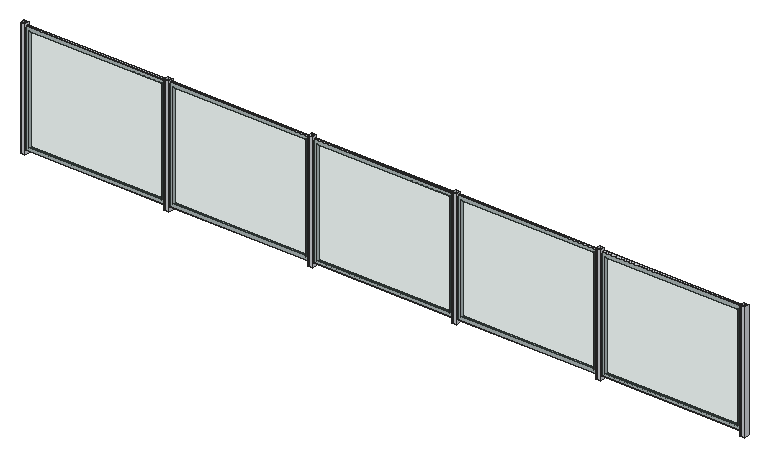
Revit family "Ограждение_Панель_В рамке_2500", category Специальное оборудование, Revit 2019
Family settings
  Размер круглого соединителя = Использовать диаметр
  Тип детали = Нормальный
  При загрузке вырезать с полостями = Нет
  Общий = Нет
  Точка расчета площади = Нет
Parameters (values of type "Панель_2500_Рамка 60х40х3_Пруток d6")
  Ширина столба = 80 mm  # constant formula
  Ширина панели = 2500 mm
  Ширина 1ой панели [instance] = 2500 mm  # constant formula
  Шаг столбов [instance] = Ширина панели + Ширина столба  # 2580 mm
  Условное обозначение [instance] = no
  Толщина стенки столба = 3 mm  # constant formula
  Толщина профиля рамки = 3
  Тип первого столба [instance] = 2
  Стоимость = 17.5
  Размер прутка = 6
  Показать последний [instance] = yes
  Шаг последнего столба [instance] = if(N панелей = 1, Шаг столбов, if(N панелей = 2, Шаг столбов * 2, Шаг столбов * N панелей + 1 mm))  # 12901 mm
  Показать средний столб [instance] = N панелей = 2  # no
  Под насадку [instance] = no
  Отступ панели от основания = 70 mm
  Отступ панели = Ширина столба / 2  # 40 mm
  Описание = if(Толщина профиля рамки = 2, "Тип 1.2", "Тип 1.3")  # "Тип 1.3"
  Ограничитель длины [instance] = if([built-in parameter 1001306] / (Шаг столбов * N столбов в массиве + 2 mm) = 1, [built-in parameter 1001306], 1000 mm)  # 1000 mm
  Ограничитель высоты [instance] = roundup(if(and(Высота забора < 2600 mm, Высота забора > 2100 mm), Высота забора, 2100 mm) / 100 mm) * 100 mm  # 2100 mm
  Код по классификатору = "33747"
  Инструкция [instance] = "https://docs.google.com/document/d/1cgSF_IfOaOTu5MFLm1FJjP0ckfTazc0ioWqhE0ocsXY/edit#heading=h.lw4uecg53g9n"
  Изготовитель = [ADSK_Завод-изготовитель]  # "FENSYS"
  built-in parameter 1001306 [instance] = 15000 mm
  Группа модели = "Ограждение"  # constant formula
  Глубина столба = 80 mm  # constant formula
  Высота панели [instance] = Ограничитель высоты - 100 mm  # 2000 mm
  Высота забора [instance] = 2100 mm
  Видимость массива столбов [instance] = not(N панелей < 3)  # yes
  Видимость массива панелей [instance] = N панелей > 1  # yes
  Видимость 1ой панели [instance] = N панелей = 1  # no
  URL = "https://www.fensys.ru/oprosnyy-list/"
  N столбов в массиве [instance] = if((N панелей - 1) < 2, 2, N панелей - 1)  # 4
  N панелей в массиве [instance] = if(N панелей > 2, N панелей, 2)  # 5
  N панелей [instance] = if([built-in parameter 1001306] > Шаг столбов, rounddown([built-in parameter 1001306] / Шаг столбов), 1)  # 5
  ADSK_Размер_Длина [instance] = [built-in parameter 1001306]  # 15000 mm
  Наименование = "Панель в рамке Тип 1.3.: HxW (высота х ширина) 2000x2500 мм,  рамка: профиль 60х40 мм, заполнение: панель с ячейкой = 50x150 мм, проволока D6 мм, габариты  (высота х ширина) 1 988x2 395 мм"
  ADSK_Комплект [instance] = "Ограждение"  # constant formula
  ADSK_Завод-изготовитель = "FENSYS"  # constant formula
  ADSK_Единица измерения = "м."  # constant formula
Types (4, lengths in mm): name | Толщина профиля рамки | Тип первого столба | Стоимость | Размер прутка | Шаг последнего столба | Описание | Код по классификатору | built-in parameter 1001306 | Видимость массива столбов | Видимость массива панелей | Видимость 1ой панели | N столбов в массиве | N панелей в массиве | N панелей | ADSK_Размер_Длина | Наименование
  Панель_2500_Рамка 60х40х3_Пруток d5 | 3 | 0 | 17.5 | 6 | 2580 | "Тип 1.3" | "33747" | 3000 | no | no | yes | 2 | 2 | 1 | 3000 | "Панель в рамке Тип 1.3.: HxW (высота х ширина) 2000x2500 мм,  рамка: профиль 60х40 мм, заполнение: панель с ячейкой = 50x150 мм, проволока D6 мм, габариты  (высота х ширина) 1 988x2 395 мм"
  Панель_2500_Рамка 60х40х2_Пруток d5 | 2 | 0 | 6.1 | 5 | 10321 | "Тип 1.2" | "13599N" | 12000 | yes | yes | no | 3 | 4 | 4 | 12000 | "Ограждение - Панель 2500_Фланцевое крепление_Столб 80х80"
  Панель_2500_Рамка 60х40х2_Пруток d6 | 2 | 0 | 6.1 | 6 | 10321 | "Тип 1.2" | "13599N" | 12000 | yes | yes | no | 3 | 4 | 4 | 12000 | "Ограждение - Панель 2500_Фланцевое крепление_Столб 80х80"
  Панель_2500_Рамка 60х40х3_Пруток d6 | 3 | 2 | 17.5 | 6 | 12901 | "Тип 1.3" | "33747" | 15000 | yes | yes | no | 4 | 5 | 5 | 15000 | "Панель в рамке Тип 1.3.: HxW (высота х ширина) 2000x2500 мм,  рамка: профиль 60х40 мм, заполнение: панель с ячейкой = 50x150 мм, проволока D6 мм, габариты  (высота х ширина) 1 988x2 395 мм"
Reference planes
  plane 1 "По центру (Вперед/Назад)": y = 0
  plane 2: z = 0
  plane 3 "Слева": x = 0
  plane 4 "Справа": x = 15000
  plane 5 "Верх стойки": z = 2100
  plane 6: x = 2580
  plane 7: x = 5160
  plane 8: x = 12901
Lines and regions (mm)
  reference lines
    curve 1: line (0, 0, 0) -> (15000, 0, 0)
Dimensions and locks
  "built-in parameter 1001306": plane 3 "Слева" to plane 4 "Справа"
  "Ограничитель высоты": plane 5 "Верх стойки" to level
  "Шаг столбов": plane 3 "Слева" to plane 6
  "Шаг столбов": plane 6 to plane 7
  equal spacing: group 1, group 2, group 3, group 4, group 5  (x3)
  "Шаг последнего столба": plane 3 "Слева" to plane 8
  equal spacing: group 6, group 7, group 8, group 9  (x3)
  aligned and locked: plane 4 "Справа" to curve 1
  aligned and locked: plane 1 "По центру (Вперед/Назад)" to curve 1
  aligned and locked: plane 3 "Слева" to curve 1
  aligned and locked: level to plane 2
  aligned and locked: plane 3 "Слева" to nested 1
  aligned and locked: plane 1 "По центру (Вперед/Назад)" to nested 1
  aligned and locked: plane 6 to nested 2
  aligned and locked: curve 1 to nested 2
  aligned and locked: plane 3 "Слева" to nested 3
  aligned and locked: plane 6 to nested 4
  aligned and locked: plane 1 "По центру (Вперед/Назад)" to nested 3
  aligned and locked: plane 1 "По центру (Вперед/Назад)" to nested 4
  aligned and locked: curve 1 to nested 5
  aligned and locked: plane 1 "По центру (Вперед/Назад)" to nested 5
  aligned and locked: plane 6 to nested 6
  aligned and locked: plane 3 "Слева" to nested 5
  aligned and locked: plane 8 to nested 25
Nested families
  nested 1: "В_Столб SIT-PR" at (0, 0, 0), ADSK_Размер_Толщина стенки <- "Толщина стенки столба", ADSK_Размер_Глубина <- "Глубина столба", ADSK_Размер_Ширина <- "Ширина столба", ADSK_Комплект <- "Группа модели", Условное обозначение <- "Условное обозначение", Высота забора <- "Ограничитель высоты", BS_Масса_Число <- "Стоимость", Тип столба <- "Тип первого столба", type "Столб SIT-PR"
    with Условное обозначение no, Тип столба 2, Таблица "Столб SIT-PR", Ограничитель крепежа 2, Высота забора 2100 mm, N крепежа в массиве 3, ADSK_Размер_Ширина 80 mm, ADSK_Размер_Толщина стенки 3 mm, ADSK_Размер_Глубина 80 mm, ADSK_Размер_Высота 2100 mm, ADSK_Обозначение "SIT-PR", Наименование "Столб Т-образный, ограждения серии ПР1: профиль 80х80х3 мм, L = 2100 мм, фланец 230х230х8 мм, под насадку для СББ, ПББ", BS_Масса_Число 17.5, ADSK_Комплект "Ограждение", ADSK_Код изделия "43728"
  nested 2: "В_Столб SIT-PR" at (2580, 0, 0), visible <- "Показать средний столб", ADSK_Размер_Толщина стенки <- "Толщина стенки столба", ADSK_Размер_Глубина <- "Глубина столба", ADSK_Размер_Ширина <- "Ширина столба", ADSK_Комплект <- "Группа модели", Условное обозначение <- "Условное обозначение", Высота забора <- "Ограничитель высоты", type "Столб SIT-PR"
    with Условное обозначение no, Тип столба 0, Таблица "Столб SIT-PR", Ограничитель крепежа 2, Высота забора 2100 mm, N крепежа в массиве 3, ADSK_Размер_Ширина 80 mm, ADSK_Размер_Толщина стенки 3 mm, ADSK_Размер_Глубина 80 mm, ADSK_Размер_Высота 2100 mm, ADSK_Обозначение "SIT-PR", Наименование "Столб основной, ограждения серии ПР1: профиль 80х80х3 мм, L = 2100 мм, фланец 230х230х8 мм, под насадку для СББ, ПББ", BS_Масса_Число 17.5, ADSK_Комплект "Ограждение", ADSK_Код изделия "43662"
  nested 3: "В_Панель_В рамке" at (0, 0, 0), ADSK_Размер_Высота <- "Высота панели", Отступ панели от основания <- "Отступ панели от основания", Отступ панели <- "Отступ панели", visible <- "Видимость массива панелей", ADSK_Комплект <- "Группа модели", ADSK_Размер_Ширина <- "Ширина панели", ADSK_Код изделия <- "Код по классификатору", Наименование <- "Наименование", Размер прутка <- "Размер прутка", Толщина профиля рамки <- "Толщина профиля рамки", BS_Масса_Число <- "Стоимость", ADSK_Обозначение <- "Описание", type "Панель_В рамке_2500"
    with Толщина профиля рамки 3, Таблица масса "Панель масса", Расчетная длина 2580 mm, Размер прутка 6, Отступ панели от основания 70 mm, Отступ панели 40 mm, ADSK_Размер_Ширина 2500 mm, ADSK_Размер_Высота 2000 mm, ADSK_Примечание "", ADSK_Обозначение "Тип 1.3", Наименование "Панель в рамке Тип 1.3.: HxW (высота х ширина) 2000x2500 мм,  рамка: профиль 60х40 мм, заполнение: панель с ячейкой = 50x150 мм, проволока D6 мм, габариты  (высота х ширина) 1 988x2 395 мм", BS_Масса_Число 64.61, ADSK_Комплект "Ограждение", ADSK_Код изделия "33747"
  nested 4: "В_Столб SIT-PR" at (2580, 0, 0), visible <- "Видимость массива столбов", ADSK_Размер_Толщина стенки <- "Толщина стенки столба", ADSK_Размер_Глубина <- "Глубина столба", ADSK_Размер_Ширина <- "Ширина столба", ADSK_Комплект <- "Группа модели", Условное обозначение <- "Условное обозначение", BS_Масса_Число <- "Стоимость", Высота забора <- "Ограничитель высоты", type "Столб SIT-PR"
    with Условное обозначение no, Тип столба 0, Таблица "Столб SIT-PR", Ограничитель крепежа 2, Высота забора 2100 mm, N крепежа в массиве 3, ADSK_Размер_Ширина 80 mm, ADSK_Размер_Толщина стенки 3 mm, ADSK_Размер_Глубина 80 mm, ADSK_Размер_Высота 2100 mm, ADSK_Обозначение "SIT-PR", Наименование "Столб основной, ограждения серии ПР1: профиль 80х80х3 мм, L = 2100 мм, фланец 230х230х8 мм, под насадку для СББ, ПББ", BS_Масса_Число 17.5, ADSK_Комплект "Ограждение", ADSK_Код изделия "43662"
  nested 5: "В_Панель_В рамке" at (0, 0, 0), ADSK_Размер_Высота <- "Высота панели", Отступ панели от основания <- "Отступ панели от основания", Отступ панели <- "Отступ панели", visible <- "Видимость 1ой панели", ADSK_Комплект <- "Группа модели", ADSK_Размер_Ширина <- "Ширина 1ой панели", ADSK_Код изделия <- "Код по классификатору", Наименование <- "Наименование", ADSK_Обозначение <- "Описание", Размер прутка <- "Размер прутка", Толщина профиля рамки <- "Толщина профиля рамки", type "Панель_В рамке_2500"
    with Толщина профиля рамки 3, Таблица масса "Панель масса", Расчетная длина 2580 mm, Размер прутка 6, Отступ панели от основания 70 mm, Отступ панели 40 mm, ADSK_Размер_Ширина 2500 mm, ADSK_Размер_Высота 2000 mm, ADSK_Примечание "", ADSK_Обозначение "Тип 1.3", Наименование "Панель в рамке Тип 1.3.: HxW (высота х ширина) 2000x2500 мм,  рамка: профиль 60х40 мм, заполнение: панель с ячейкой = 50x150 мм, проволока D6 мм, габариты  (высота х ширина) 1 988x2 395 мм", BS_Масса_Число 64.61, ADSK_Комплект "Ограждение", ADSK_Код изделия "33747"
  nested 6: "В_Панель_В рамке" at (2580, 0, 0), ADSK_Размер_Высота <- "Высота панели", Отступ панели от основания <- "Отступ панели от основания", Отступ панели <- "Отступ панели", visible <- "Видимость массива панелей", ADSK_Комплект <- "Группа модели", ADSK_Размер_Ширина <- "Ширина панели", ADSK_Код изделия <- "Код по классификатору", Наименование <- "Наименование", Размер прутка <- "Размер прутка", Толщина профиля рамки <- "Толщина профиля рамки", BS_Масса_Число <- "Стоимость", ADSK_Обозначение <- "Описание", type "Панель_В рамке_2500"
    with Толщина профиля рамки 3, Таблица масса "Панель масса", Расчетная длина 2580 mm, Размер прутка 6, Отступ панели от основания 70 mm, Отступ панели 40 mm, ADSK_Размер_Ширина 2500 mm, ADSK_Размер_Высота 2000 mm, ADSK_Примечание "", ADSK_Обозначение "Тип 1.3", Наименование "Панель в рамке Тип 1.3.: HxW (высота х ширина) 2000x2500 мм,  рамка: профиль 60х40 мм, заполнение: панель с ячейкой = 50x150 мм, проволока D6 мм, габариты  (высота х ширина) 1 988x2 395 мм", BS_Масса_Число 64.61, ADSK_Комплект "Ограждение", ADSK_Код изделия "33747"
  nested 7: "В_Крепеж_панель в рамке" at (0, 0, 2065), type "Крепеж"
    with Ширина столба 0 mm, ADSK_Обозначение "Крепеж", Наименование "Скоба крепления панели в рамке к столбу (М10)", ADSK_Комплект "Ограждение", ADSK_Количество 1, ADSK_Код изделия "14270"
  nested 8: "В_Крепеж_панель в рамке" at (0, 0, 104.903), type "Крепеж"
    with Ширина столба 0 mm, ADSK_Обозначение "Крепеж", Наименование "Скоба крепления панели в рамке к столбу (М10)", ADSK_Комплект "Ограждение", ADSK_Количество 1, ADSK_Код изделия "14270"
  nested 9: "В_Крепеж_панель в рамке" at (2580, 0, 2065), type "Крепеж"
    with Ширина столба 0 mm, ADSK_Обозначение "Крепеж", Наименование "Скоба крепления панели в рамке к столбу (М10)", ADSK_Комплект "Ограждение", ADSK_Количество 1, ADSK_Код изделия "14270"
  nested 10: "В_Крепеж_панель в рамке" at (2580, 0, 104.903), type "Крепеж"
    with Ширина столба 0 mm, ADSK_Обозначение "Крепеж", Наименование "Скоба крепления панели в рамке к столбу (М10)", ADSK_Комплект "Ограждение", ADSK_Количество 1, ADSK_Код изделия "14270"
  nested 11: "В_Крепеж_панель в рамке" at (2580, 0, 2065), type "Крепеж"
    with Ширина столба 0 mm, ADSK_Обозначение "Крепеж", Наименование "Скоба крепления панели в рамке к столбу (М10)", ADSK_Комплект "Ограждение", ADSK_Количество 1, ADSK_Код изделия "14270"
  nested 12: "В_Крепеж_панель в рамке" at (2580, 0, 104.903), type "Крепеж"
    with Ширина столба 0 mm, ADSK_Обозначение "Крепеж", Наименование "Скоба крепления панели в рамке к столбу (М10)", ADSK_Комплект "Ограждение", ADSK_Количество 1, ADSK_Код изделия "14270"
  nested 13: "В_Метизы_Панель в рамке" at (20, 0, 2065), type "Метизы"
    with Наименование "Винт ISO 7380 M8x30", ADSK_Комплект "Ограждение", ADSK_Количество 1, ADSK_Код изделия "8920"
  nested 14: "В_Метизы_Панель в рамке" at (20, 0, 104.903), type "Метизы"
    with Наименование "Винт ISO 7380 M8x30", ADSK_Комплект "Ограждение", ADSK_Количество 1, ADSK_Код изделия "8920"
  nested 15: "В_Метизы_Панель в рамке" at (2600, 0, 2065), type "Метизы"
    with Наименование "Винт ISO 7380 M8x30", ADSK_Комплект "Ограждение", ADSK_Количество 1, ADSK_Код изделия "8920"
  nested 16: "В_Метизы_Панель в рамке" at (2600, 0, 104.903), type "Метизы"
    with Наименование "Винт ISO 7380 M8x30", ADSK_Комплект "Ограждение", ADSK_Количество 1, ADSK_Код изделия "8920"
  nested 17: "В_Метизы_Панель в рамке" at (2600, 0, 2065), type "Метизы"
    with Тип крепежа 1, Путь к таблице "Таблица метизов", Наименование "Винт ISO 7380 M8x30", ADSK_Комплект "Ограждение", ADSK_Количество 1, ADSK_Код изделия "8920"
  nested 18: "В_Метизы_Панель в рамке" at (2600, 0, 104.903), type "Метизы"
    with Тип крепежа 1, Путь к таблице "Таблица метизов", Наименование "Винт ISO 7380 M8x30", ADSK_Комплект "Ограждение", ADSK_Количество 1, ADSK_Код изделия "8920"
  nested 19: "В_Крепеж_панель в рамке" at (0, 0, 1084.952), type "Крепеж"
    with Ширина столба 0 mm, ADSK_Обозначение "Крепеж", Наименование "Скоба крепления панели в рамке к столбу (М10)", ADSK_Комплект "Ограждение", ADSK_Количество 1, ADSK_Код изделия "14270"
  nested 20: "В_Метизы_Панель в рамке" at (20, 0, 1084.952), type "Метизы"
    with Наименование "Винт ISO 7380 M8x30", ADSK_Комплект "Ограждение", ADSK_Количество 1, ADSK_Код изделия "8920"
  nested 21: "В_Крепеж_панель в рамке" at (2580, 0, 1084.952), type "Крепеж"
    with Ширина столба 0 mm, ADSK_Обозначение "Крепеж", Наименование "Скоба крепления панели в рамке к столбу (М10)", ADSK_Комплект "Ограждение", ADSK_Количество 1, ADSK_Код изделия "14270"
  nested 22: "В_Метизы_Панель в рамке" at (2600, 0, 1084.952), type "Метизы"
    with Наименование "Винт ISO 7380 M8x30", ADSK_Комплект "Ограждение", ADSK_Количество 1, ADSK_Код изделия "8920"
  nested 23: "В_Крепеж_панель в рамке" at (2580, 0, 1084.952), type "Крепеж"
    with Ширина столба 0 mm, ADSK_Обозначение "Крепеж", Наименование "Скоба крепления панели в рамке к столбу (М10)", ADSK_Комплект "Ограждение", ADSK_Количество 1, ADSK_Код изделия "14270"
  nested 24: "В_Метизы_Панель в рамке" at (2600, 0, 1084.952), type "Метизы"
    with Тип крепежа 1, Путь к таблице "Таблица метизов", Наименование "Винт ISO 7380 M8x30", ADSK_Комплект "Ограждение", ADSK_Количество 1, ADSK_Код изделия "8920"
  nested 25: "В_Столб SIT-PR" at (12901, 0, 0), visible <- "Показать последний", ADSK_Размер_Толщина стенки <- "Толщина стенки столба", ADSK_Размер_Глубина <- "Глубина столба", ADSK_Размер_Ширина <- "Ширина столба", ADSK_Комплект <- "Группа модели", Условное обозначение <- "Условное обозначение", Высота забора <- "Ограничитель высоты", BS_Масса_Число <- "Стоимость", type "Столб SIT-PR"
    with Условное обозначение no, Тип столба 0, Таблица "Столб SIT-PR", Ограничитель крепежа 2, Высота забора 2100 mm, N крепежа в массиве 3, ADSK_Размер_Ширина 80 mm, ADSK_Размер_Толщина стенки 3 mm, ADSK_Размер_Глубина 80 mm, ADSK_Размер_Высота 2100 mm, ADSK_Обозначение "SIT-PR", Наименование "Столб основной, ограждения серии ПР1: профиль 80х80х3 мм, L = 2100 мм, фланец 230х230х8 мм, под насадку для СББ, ПББ", BS_Масса_Число 17.5, ADSK_Комплект "Ограждение", ADSK_Код изделия "43662"
  nested 26: "В_Крепеж_панель в рамке" at (12901, 0, 2065), type "Крепеж"
    with Ширина столба 0 mm, ADSK_Обозначение "Крепеж", Наименование "Скоба крепления панели в рамке к столбу (М10)", ADSK_Комплект "Ограждение", ADSK_Количество 1, ADSK_Код изделия "14270"
  nested 27: "В_Крепеж_панель в рамке" at (12901, 0, 104.903), type "Крепеж"
    with Ширина столба 0 mm, ADSK_Обозначение "Крепеж", Наименование "Скоба крепления панели в рамке к столбу (М10)", ADSK_Комплект "Ограждение", ADSK_Количество 1, ADSK_Код изделия "14270"
  nested 28: "В_Метизы_Панель в рамке" at (12921, 0, 2065), type "Метизы"
    with Наименование "Винт ISO 7380 M8x30", ADSK_Комплект "Ограждение", ADSK_Количество 1, ADSK_Код изделия "8920"
  nested 29: "В_Метизы_Панель в рамке" at (12921, 0, 104.903), type "Метизы"
    with Наименование "Винт ISO 7380 M8x30", ADSK_Комплект "Ограждение", ADSK_Количество 1, ADSK_Код изделия "8920"
  nested 30: "В_Крепеж_панель в рамке" at (12901, 0, 1084.952), type "Крепеж"
    with Ширина столба 0 mm, ADSK_Обозначение "Крепеж", Наименование "Скоба крепления панели в рамке к столбу (М10)", ADSK_Комплект "Ограждение", ADSK_Количество 1, ADSK_Код изделия "14270"
  nested 31: "В_Метизы_Панель в рамке" at (12921, 0, 1084.952), type "Метизы"
    with Наименование "Винт ISO 7380 M8x30", ADSK_Комплект "Ограждение", ADSK_Количество 1, ADSK_Код изделия "8920"
  nested 32: "В_Панель_В рамке" at (5160, 0, 0), ADSK_Размер_Высота <- "Высота панели", Отступ панели от основания <- "Отступ панели от основания", Отступ панели <- "Отступ панели", visible <- "Видимость массива панелей", ADSK_Комплект <- "Группа модели", ADSK_Размер_Ширина <- "Ширина панели", ADSK_Код изделия <- "Код по классификатору", Наименование <- "Наименование", Размер прутка <- "Размер прутка", Толщина профиля рамки <- "Толщина профиля рамки", BS_Масса_Число <- "Стоимость", ADSK_Обозначение <- "Описание", type "Панель_В рамке_2500"
    with Толщина профиля рамки 3, Таблица масса "Панель масса", Расчетная длина 2580 mm, Размер прутка 6, Отступ панели от основания 70 mm, Отступ панели 40 mm, ADSK_Размер_Ширина 2500 mm, ADSK_Размер_Высота 2000 mm, ADSK_Примечание "", ADSK_Обозначение "Тип 1.3", Наименование "Панель в рамке Тип 1.3.: HxW (высота х ширина) 2000x2500 мм,  рамка: профиль 60х40 мм, заполнение: панель с ячейкой = 50x150 мм, проволока D6 мм, габариты  (высота х ширина) 1 988x2 395 мм", BS_Масса_Число 64.61, ADSK_Комплект "Ограждение", ADSK_Код изделия "33747"
  nested 33: "В_Панель_В рамке" at (7740, 0, 0), ADSK_Размер_Высота <- "Высота панели", Отступ панели от основания <- "Отступ панели от основания", Отступ панели <- "Отступ панели", visible <- "Видимость массива панелей", ADSK_Комплект <- "Группа модели", ADSK_Размер_Ширина <- "Ширина панели", ADSK_Код изделия <- "Код по классификатору", Наименование <- "Наименование", Размер прутка <- "Размер прутка", Толщина профиля рамки <- "Толщина профиля рамки", BS_Масса_Число <- "Стоимость", ADSK_Обозначение <- "Описание", type "Панель_В рамке_2500"
    with Толщина профиля рамки 3, Таблица масса "Панель масса", Расчетная длина 2580 mm, Размер прутка 6, Отступ панели от основания 70 mm, Отступ панели 40 mm, ADSK_Размер_Ширина 2500 mm, ADSK_Размер_Высота 2000 mm, ADSK_Примечание "", ADSK_Обозначение "Тип 1.3", Наименование "Панель в рамке Тип 1.3.: HxW (высота х ширина) 2000x2500 мм,  рамка: профиль 60х40 мм, заполнение: панель с ячейкой = 50x150 мм, проволока D6 мм, габариты  (высота х ширина) 1 988x2 395 мм", BS_Масса_Число 64.61, ADSK_Комплект "Ограждение", ADSK_Код изделия "33747"
  nested 34: "В_Панель_В рамке" at (10320, 0, 0), ADSK_Размер_Высота <- "Высота панели", Отступ панели от основания <- "Отступ панели от основания", Отступ панели <- "Отступ панели", visible <- "Видимость массива панелей", ADSK_Комплект <- "Группа модели", ADSK_Размер_Ширина <- "Ширина панели", ADSK_Код изделия <- "Код по классификатору", Наименование <- "Наименование", Размер прутка <- "Размер прутка", Толщина профиля рамки <- "Толщина профиля рамки", BS_Масса_Число <- "Стоимость", ADSK_Обозначение <- "Описание", type "Панель_В рамке_2500"
    with Толщина профиля рамки 3, Таблица масса "Панель масса", Расчетная длина 2580 mm, Размер прутка 6, Отступ панели от основания 70 mm, Отступ панели 40 mm, ADSK_Размер_Ширина 2500 mm, ADSK_Размер_Высота 2000 mm, ADSK_Примечание "", ADSK_Обозначение "Тип 1.3", Наименование "Панель в рамке Тип 1.3.: HxW (высота х ширина) 2000x2500 мм,  рамка: профиль 60х40 мм, заполнение: панель с ячейкой = 50x150 мм, проволока D6 мм, габариты  (высота х ширина) 1 988x2 395 мм", BS_Масса_Число 64.61, ADSK_Комплект "Ограждение", ADSK_Код изделия "33747"
  nested 35: "В_Столб SIT-PR" at (5160, 0, 0), visible <- "Видимость массива столбов", ADSK_Размер_Толщина стенки <- "Толщина стенки столба", ADSK_Размер_Глубина <- "Глубина столба", ADSK_Размер_Ширина <- "Ширина столба", ADSK_Комплект <- "Группа модели", Условное обозначение <- "Условное обозначение", BS_Масса_Число <- "Стоимость", Высота забора <- "Ограничитель высоты", type "Столб SIT-PR"
    with Условное обозначение no, Тип столба 0, Таблица "Столб SIT-PR", Ограничитель крепежа 2, Высота забора 2100 mm, N крепежа в массиве 3, ADSK_Размер_Ширина 80 mm, ADSK_Размер_Толщина стенки 3 mm, ADSK_Размер_Глубина 80 mm, ADSK_Размер_Высота 2100 mm, ADSK_Обозначение "SIT-PR", Наименование "Столб основной, ограждения серии ПР1: профиль 80х80х3 мм, L = 2100 мм, фланец 230х230х8 мм, под насадку для СББ, ПББ", BS_Масса_Число 17.5, ADSK_Комплект "Ограждение", ADSK_Код изделия "43662"
  nested 36: "В_Крепеж_панель в рамке" at (5160, 0, 2065), type "Крепеж"
    with Ширина столба 0 mm, ADSK_Обозначение "Крепеж", Наименование "Скоба крепления панели в рамке к столбу (М10)", ADSK_Комплект "Ограждение", ADSK_Количество 1, ADSK_Код изделия "14270"
  nested 37: "В_Крепеж_панель в рамке" at (5160, 0, 104.903), type "Крепеж"
    with Ширина столба 0 mm, ADSK_Обозначение "Крепеж", Наименование "Скоба крепления панели в рамке к столбу (М10)", ADSK_Комплект "Ограждение", ADSK_Количество 1, ADSK_Код изделия "14270"
  nested 38: "В_Метизы_Панель в рамке" at (5180, 0, 2065), type "Метизы"
    with Тип крепежа 1, Путь к таблице "Таблица метизов", Наименование "Винт ISO 7380 M8x30", ADSK_Комплект "Ограждение", ADSK_Количество 1, ADSK_Код изделия "8920"
  nested 39: "В_Метизы_Панель в рамке" at (5180, 0, 104.903), type "Метизы"
    with Тип крепежа 1, Путь к таблице "Таблица метизов", Наименование "Винт ISO 7380 M8x30", ADSK_Комплект "Ограждение", ADSK_Количество 1, ADSK_Код изделия "8920"
  nested 40: "В_Крепеж_панель в рамке" at (5160, 0, 1084.952), type "Крепеж"
    with Ширина столба 0 mm, ADSK_Обозначение "Крепеж", Наименование "Скоба крепления панели в рамке к столбу (М10)", ADSK_Комплект "Ограждение", ADSK_Количество 1, ADSK_Код изделия "14270"
  nested 41: "В_Метизы_Панель в рамке" at (5180, 0, 1084.952), type "Метизы"
    with Тип крепежа 1, Путь к таблице "Таблица метизов", Наименование "Винт ISO 7380 M8x30", ADSK_Комплект "Ограждение", ADSK_Количество 1, ADSK_Код изделия "8920"
  nested 42: "В_Столб SIT-PR" at (7740, 0, 0), visible <- "Видимость массива столбов", ADSK_Размер_Толщина стенки <- "Толщина стенки столба", ADSK_Размер_Глубина <- "Глубина столба", ADSK_Размер_Ширина <- "Ширина столба", ADSK_Комплект <- "Группа модели", Условное обозначение <- "Условное обозначение", BS_Масса_Число <- "Стоимость", Высота забора <- "Ограничитель высоты", type "Столб SIT-PR"
    with Условное обозначение no, Тип столба 0, Таблица "Столб SIT-PR", Ограничитель крепежа 2, Высота забора 2100 mm, N крепежа в массиве 3, ADSK_Размер_Ширина 80 mm, ADSK_Размер_Толщина стенки 3 mm, ADSK_Размер_Глубина 80 mm, ADSK_Размер_Высота 2100 mm, ADSK_Обозначение "SIT-PR", Наименование "Столб основной, ограждения серии ПР1: профиль 80х80х3 мм, L = 2100 мм, фланец 230х230х8 мм, под насадку для СББ, ПББ", BS_Масса_Число 17.5, ADSK_Комплект "Ограждение", ADSK_Код изделия "43662"
  nested 43: "В_Крепеж_панель в рамке" at (7740, 0, 2065), type "Крепеж"
    with Ширина столба 0 mm, ADSK_Обозначение "Крепеж", Наименование "Скоба крепления панели в рамке к столбу (М10)", ADSK_Комплект "Ограждение", ADSK_Количество 1, ADSK_Код изделия "14270"
  nested 44: "В_Крепеж_панель в рамке" at (7740, 0, 104.903), type "Крепеж"
    with Ширина столба 0 mm, ADSK_Обозначение "Крепеж", Наименование "Скоба крепления панели в рамке к столбу (М10)", ADSK_Комплект "Ограждение", ADSK_Количество 1, ADSK_Код изделия "14270"
  nested 45: "В_Метизы_Панель в рамке" at (7760, 0, 2065), type "Метизы"
    with Тип крепежа 1, Путь к таблице "Таблица метизов", Наименование "Винт ISO 7380 M8x30", ADSK_Комплект "Ограждение", ADSK_Количество 1, ADSK_Код изделия "8920"
  nested 46: "В_Метизы_Панель в рамке" at (7760, 0, 104.903), type "Метизы"
    with Тип крепежа 1, Путь к таблице "Таблица метизов", Наименование "Винт ISO 7380 M8x30", ADSK_Комплект "Ограждение", ADSK_Количество 1, ADSK_Код изделия "8920"
  nested 47: "В_Крепеж_панель в рамке" at (7740, 0, 1084.952), type "Крепеж"
    with Ширина столба 0 mm, ADSK_Обозначение "Крепеж", Наименование "Скоба крепления панели в рамке к столбу (М10)", ADSK_Комплект "Ограждение", ADSK_Количество 1, ADSK_Код изделия "14270"
  nested 48: "В_Метизы_Панель в рамке" at (7760, 0, 1084.952), type "Метизы"
    with Тип крепежа 1, Путь к таблице "Таблица метизов", Наименование "Винт ISO 7380 M8x30", ADSK_Комплект "Ограждение", ADSK_Количество 1, ADSK_Код изделия "8920"
  nested 49: "В_Столб SIT-PR" at (10320, 0, 0), visible <- "Видимость массива столбов", ADSK_Размер_Толщина стенки <- "Толщина стенки столба", ADSK_Размер_Глубина <- "Глубина столба", ADSK_Размер_Ширина <- "Ширина столба", ADSK_Комплект <- "Группа модели", Условное обозначение <- "Условное обозначение", BS_Масса_Число <- "Стоимость", Высота забора <- "Ограничитель высоты", type "Столб SIT-PR"
    with Условное обозначение no, Тип столба 0, Таблица "Столб SIT-PR", Ограничитель крепежа 2, Высота забора 2100 mm, N крепежа в массиве 3, ADSK_Размер_Ширина 80 mm, ADSK_Размер_Толщина стенки 3 mm, ADSK_Размер_Глубина 80 mm, ADSK_Размер_Высота 2100 mm, ADSK_Обозначение "SIT-PR", Наименование "Столб основной, ограждения серии ПР1: профиль 80х80х3 мм, L = 2100 мм, фланец 230х230х8 мм, под насадку для СББ, ПББ", BS_Масса_Число 17.5, ADSK_Комплект "Ограждение", ADSK_Код изделия "43662"
  nested 50: "В_Крепеж_панель в рамке" at (10320, 0, 2065), type "Крепеж"
    with Ширина столба 0 mm, ADSK_Обозначение "Крепеж", Наименование "Скоба крепления панели в рамке к столбу (М10)", ADSK_Комплект "Ограждение", ADSK_Количество 1, ADSK_Код изделия "14270"
  nested 51: "В_Крепеж_панель в рамке" at (10320, 0, 104.903), type "Крепеж"
    with Ширина столба 0 mm, ADSK_Обозначение "Крепеж", Наименование "Скоба крепления панели в рамке к столбу (М10)", ADSK_Комплект "Ограждение", ADSK_Количество 1, ADSK_Код изделия "14270"
  nested 52: "В_Метизы_Панель в рамке" at (10340, 0, 2065), type "Метизы"
    with Тип крепежа 1, Путь к таблице "Таблица метизов", Наименование "Винт ISO 7380 M8x30", ADSK_Комплект "Ограждение", ADSK_Количество 1, ADSK_Код изделия "8920"
  nested 53: "В_Метизы_Панель в рамке" at (10340, 0, 104.903), type "Метизы"
    with Тип крепежа 1, Путь к таблице "Таблица метизов", Наименование "Винт ISO 7380 M8x30", ADSK_Комплект "Ограждение", ADSK_Количество 1, ADSK_Код изделия "8920"
  nested 54: "В_Крепеж_панель в рамке" at (10320, 0, 1084.952), type "Крепеж"
    with Ширина столба 0 mm, ADSK_Обозначение "Крепеж", Наименование "Скоба крепления панели в рамке к столбу (М10)", ADSK_Комплект "Ограждение", ADSK_Количество 1, ADSK_Код изделия "14270"
  nested 55: "В_Метизы_Панель в рамке" at (10340, 0, 1084.952), type "Метизы"
    with Тип крепежа 1, Путь к таблице "Таблица метизов", Наименование "Винт ISO 7380 M8x30", ADSK_Комплект "Ограждение", ADSK_Количество 1, ADSK_Код изделия "8920"
Definition of nested family "В_Столб SIT-PR"
  Parameters (values of type "Столб SIT-PR")
    Условное обозначение [instance] = yes
    Тип столба [instance] = 2
    Таблица [instance] = "Столб SIT-PR"  # constant formula
    Ограничитель крепежа [instance] = 1
    Manufacturer = [ADSK_Завод-изготовитель]  # "FENSYS"
    Model = "Ограждение"  # constant formula
    Высота забора [instance] = 3000 mm
    URL = "https://www.fensys.ru/produkciya/vintovye-opory_1.html"
    N крепежа в массиве [instance] = 3  # constant formula
    ADSK_Размер_Ширина [instance] = 80 mm  # constant formula
    ADSK_Размер_Толщина стенки [instance] = 3 mm  # constant formula
    ADSK_Размер_Глубина [instance] = 80 mm  # constant formula
    ADSK_Размер_Высота [instance] = Высота забора  # 3000 mm
    ADSK_Обозначение [instance] = "SIT-PR"  # constant formula
    Наименование [instance] = size_lookup(Таблица, "", "Не найден столб, проверьте параметры", ADSK_Размер_Высота, Тип столба)  # "Столб Т-образный, ограждения серии ПР1: профиль 80х80х3 мм, L = 3000 мм, фланец 230х230х8 мм, под насадку для СББ, ПББ"
    ADSK_Материал = none
    BS_Масса_Число [instance] = 0
    ADSK_Комплект [instance] = "Ограждение"
    ADSK_Код изделия [instance] = "15519N"
    ADSK_Завод-изготовитель = "FENSYS"  # constant formula
    ADSK_Единица измерения = "шт."  # constant formula
  Reference planes
    plane 1 "По центру (Вперед/Назад)": y = 0
    plane 2: z = 0
    plane 3 "По центру (Влево/Вправо)": x = 0
    plane 4: z = 3000
    plane 5: x = -40
    plane 6: x = 40
    plane 7: y = 40
    plane 8: y = -40
    plane 9: z = 3000
  Forms (mm)
    Extrusion 1, solid
      sketch origin (0, 0, 0) x (1, 0, 0) y (0, 1, 0)
        loop
          line (-40, 40) -> (-40, -40) -> (40, -40) -> (40, 40) -> (-40, 40)
        loop
          line (-37, 37) -> (-37, -37) -> (37, -37) -> (37, 37) -> (-37, 37)
      from 0 to 3000
  Dimensions and locks
    equal spacing: plane 5, plane 3 "По центру (Влево/Вправо)", plane 6
    "ADSK_Размер_Ширина": plane 5 to plane 6
    "ADSK_Размер_Глубина": plane 8 to plane 7
    equal spacing: plane 8, plane 1 "По центру (Вперед/Назад)", plane 7
    "ADSK_Размер_Толщина стенки": Extrusion 1 sketch curve to plane 6
    "ADSK_Размер_Толщина стенки": plane 8 to Extrusion 1 sketch curve
    "ADSK_Размер_Толщина стенки": plane 7 to Extrusion 1 sketch curve
    "ADSK_Размер_Толщина стенки": plane 5 to Extrusion 1 sketch curve
    plane 4 to plane 2 = 3000 mm
    nested 1 to plane 2 = 104.903 mm
    equal spacing: group 1, group 3, group 2  (x3)
    locked: plane 9 to nested 2 at 35
    "Высота забора": level to plane 9
    aligned and locked: level to plane 2
    aligned and locked: plane 4 to Extrusion 1
    aligned and locked: plane 6 to Extrusion 1
    aligned and locked: plane 5 to Extrusion 1
    aligned and locked: plane 8 to Extrusion 1
    aligned and locked: plane 7 to Extrusion 1
    aligned and locked: plane 3 "По центру (Влево/Вправо)" to nested 1
    aligned and locked: plane 3 "По центру (Влево/Вправо)" to nested 3
    aligned and locked: nested 7 to plane 1 "По центру (Вперед/Назад)"
    aligned and locked: plane 4 to plane 9
  Automatic sketch dimensions
    Extrusion 1 sketch curve to plane 5 = 0 mm
    Extrusion 1 sketch curve to plane 6 = 0 mm
    plane 8 to Extrusion 1 sketch curve = 0 mm
    Extrusion 1 sketch curve to plane 7 = 0 mm
  Nested families
    nested 1: "В_Крепеж_панель в рамке" at (0, 0, 104.903), ADSK_Комплект <- "ADSK_Комплект", type "Крепеж"
      with Ширина столба 0 mm, ADSK_Обозначение "Крепеж", Наименование "Скоба крепления панели в рамке к столбу (М10)", ADSK_Комплект "Ограждение", ADSK_Количество 1, ADSK_Код изделия "14270"
    nested 2: "В_Крепеж_панель в рамке" at (0, 0, 2965), ADSK_Комплект <- "ADSK_Комплект", type "Крепеж"
      with Ширина столба 0 mm, ADSK_Обозначение "Крепеж", Наименование "Скоба крепления панели в рамке к столбу (М10)", ADSK_Комплект "Ограждение", ADSK_Количество 1, ADSK_Код изделия "14270"
    nested 3: "В_Крепеж_панель в рамке" at (0, 0, 1534.952), ADSK_Комплект <- "ADSK_Комплект", type "Крепеж"
      with Ширина столба 0 mm, ADSK_Обозначение "Крепеж", Наименование "Скоба крепления панели в рамке к столбу (М10)", ADSK_Комплект "Ограждение", ADSK_Количество 1, ADSK_Код изделия "14270"
    nested 4: "В_Метизы_Панель в рамке" at (20, 0, 104.903), type "Метизы"
      with Тип крепежа 1, Путь к таблице "Таблица метизов", Наименование "Винт ISO 7380 M8x30", ADSK_Комплект "Ограждение", ADSK_Количество 1, ADSK_Код изделия "8920"
    nested 5: "В_Метизы_Панель в рамке" at (20, 0, 2965), type "Метизы"
      with Тип крепежа 1, Путь к таблице "Таблица метизов", Наименование "Винт ISO 7380 M8x30", ADSK_Комплект "Ограждение", ADSK_Количество 1, ADSK_Код изделия "8920"
    nested 6: "В_Метизы_Панель в рамке" at (20, 0, 1534.952), type "Метизы"
      with Тип крепежа 1, Путь к таблице "Таблица метизов", Наименование "Винт ISO 7380 M8x30", ADSK_Комплект "Ограждение", ADSK_Количество 1, ADSK_Код изделия "8920"
    nested 7: "Типовая аннотация" at (0, 0, 0) x (0, 1, 0) z (0, 0, 1), visible <- "Условное обозначение", type "Типовая аннотация"
      with Ширина 8 mm, Высота 8 mm
  Definition of nested family "В_Крепеж_панель в рамке"
    Parameters (values of type "Крепеж")
      Ширина столба [instance] = 0 mm
      Manufacturer = [ADSK_Завод-изготовитель]  # "FENSYS"
      Model = ""
      URL = "https://www.fensys.ru/produkciya/krepyozh.html"
      ADSK_Обозначение [instance] = "Крепеж"  # constant formula
      Наименование [instance] = "Скоба крепления панели в рамке к столбу (М10)"  # constant formula
      ADSK_Комплект [instance] = "Ограждение"  # constant formula
      ADSK_Количество [instance] = 1  # constant formula
      ADSK_Код изделия [instance] = "14270"  # constant formula
      ADSK_Завод-изготовитель = "FENSYS"  # constant formula
      ADSK_Единица измерения = "шт."  # constant formula
    Reference planes
      plane 1 "По центру (Вперед/Назад)": y = 0
      plane 2: z = 0
      plane 3 "По центру (Влево/Вправо)": x = 0
      plane 4: z = 0
    Forms (mm)
      Extrusion 1, solid
        sketch origin (0, -3, 0) x (1, 0, 0) y (0, 1, 0)
          loop
            line (-20, 5.5) -> (-20, 0.5) -> (20, 0.5) -> (20, 5.5) -> (-20, 5.5)
        from -4.311 to 4.311
    Dimensions and locks
      locked: Extrusion 1 sketch curve to Extrusion 1 sketch curve at 5
      locked: Extrusion 1 sketch curve to Extrusion 1 sketch curve at 40
      aligned and locked: level to plane 2
    Nested families
      nested 1: "В_Метизы_Панель в рамке" at (20, 0, 0), ADSK_Комплект <- "ADSK_Комплект", type "Метизы"
        with Тип крепежа 1, Путь к таблице "Таблица метизов", Наименование "Винт ISO 7380 M8x30", ADSK_Комплект "Ограждение", ADSK_Количество 1, ADSK_Код изделия "8920"
    Definition of nested family "В_Метизы_Панель в рамке"
      Parameters (values of type "Метизы")
        Тип крепежа [instance] = 1
        Путь к таблице [instance] = "Таблица метизов"  # constant formula
        Manufacturer = [ADSK_Завод-изготовитель]  # "FENSYS"
        URL = "https://www.fensys.ru/produkciya/krepyozh.html"
        Наименование [instance] = "Винт ISO 7380 M8x30"  # constant formula
        ADSK_Комплект [instance] = "Ограждение"
        ADSK_Количество [instance] = 1  # constant formula
        ADSK_Код изделия [instance] = ""
        ADSK_Завод-изготовитель = "FENSYS"  # constant formula
        ADSK_Единица измерения = "шт."  # constant formula
      Reference planes
        plane 1 "По центру (Вперед/Назад)": y = 0
        plane 2: z = 0
        plane 3 "По центру (Влево/Вправо)": x = 0
        plane 4: z = 0
      Lines and regions (mm)
        reference lines
          curve 1: circle (0, 0, 0) r 0.299 normal (0, -1, 0)
        model lines
          curve 2: circle (0, 0, 0) r 0.3 normal (0, -1, 0)
      Dimensions and locks
        aligned and locked: level to plane 2
  Definition of nested family "В_Метизы_Панель в рамке"
    Parameters (values of type "Метизы")
      Тип крепежа [instance] = 1
      Путь к таблице [instance] = "Таблица метизов"  # constant formula
      Manufacturer = [ADSK_Завод-изготовитель]  # "FENSYS"
      URL = "https://www.fensys.ru/produkciya/krepyozh.html"
      Наименование [instance] = "Винт ISO 7380 M8x30"  # constant formula
      ADSK_Комплект [instance] = "Ограждение"
      ADSK_Количество [instance] = 1  # constant formula
      ADSK_Код изделия [instance] = ""
      ADSK_Завод-изготовитель = "FENSYS"  # constant formula
      ADSK_Единица измерения = "шт."  # constant formula
    Reference planes
      plane 1 "По центру (Вперед/Назад)": y = 0
      plane 2: z = 0
      plane 3 "По центру (Влево/Вправо)": x = 0
      plane 4: z = 0
    Lines and regions (mm)
      reference lines
        curve 1: circle (0, 0, 0) r 0.299 normal (0, -1, 0)
      model lines
        curve 2: circle (0, 0, 0) r 0.3 normal (0, -1, 0)
    Dimensions and locks
      aligned and locked: level to plane 2
  Definition of nested family "Типовая аннотация"
    Parameters (values of type "Типовая аннотация")
      Ширина [instance] = 10 mm
      Высота [instance] = 10 mm
    Reference planes
      plane 1: y = 0
      plane 2: x = 0
    Lines and regions (mm)
      detail lines
        curve 1: line (-5, 5, 0) -> (5, 5, 0)
        curve 2: line (-5, -5, 0) -> (-5, 5, 0)
        curve 3: line (5, -5, 0) -> (-5, -5, 0)
        curve 4: line (5, 5, 0) -> (5, -5, 0)
      reference lines
        curve 5: line (-5, 0, 0) -> (5, 0, 0)
        curve 6: line (0, -5, 0) -> (0, 5, 0)
        curve 7: line (5, -5, 0) -> (5, 5, 0)
        curve 8: line (-5, -5, 0) -> (-5, 5, 0)
        curve 9: line (5, 5, 0) -> (-5, 5, 0)
        curve 10: line (5, -5, 0) -> (-5, -5, 0)
    Dimensions and locks
      "Высота": curve 9 to curve 10
      "Ширина": curve 8 to curve 7
      equal spacing: curve 10, plane 1, curve 9
      equal spacing: curve 8, curve 6, curve 7
      aligned and locked: plane 1 to curve 5
      aligned and locked: plane 2 to curve 6
      aligned and locked: curve 8 to curve 2
      aligned and locked: curve 1 to curve 9
      aligned and locked: curve 4 to curve 7
      aligned and locked: curve 3 to curve 10
Definition of nested family "В_Панель_В рамке"
  Parameters (values of type "Панель_В рамке_2500")
    Толщина профиля рамки [instance] = 2
    Толщина панели = 8 mm
    Таблица масса [instance] = "Панель масса"  # constant formula
    Расчетная длина [instance] = ADSK_Размер_Ширина + Отступ панели * 2  # 3100 mm
    Размер прутка [instance] = 6
    Таблица поиска = "Панель в рамке"  # constant formula
    Отступ панели от основания [instance] = 70 mm
    Отступ панели [instance] = 50 mm
    Manufacturer = [ADSK_Завод-изготовитель]  # "FENSYS"
    URL = "https://www.fensys.ru/produkciya/3d-zabory.html"
    ADSK_Размер_Ширина [instance] = 3000 mm
    ADSK_Размер_Высота [instance] = 2300 mm
    ADSK_Примечание [instance] = ""
    ADSK_Обозначение [instance] = ""
    Наименование [instance] = size_lookup(Таблица поиска, "", "Панель не найдена проверьте параметры", ADSK_Размер_Высота, ADSK_Размер_Ширина, Размер прутка, Толщина профиля рамки)  # "Панель в рамке Тип 1.2.: HxW (высота х ширина) 2300x3000 мм,  рамка: профиль 60х40 мм, заполнение: панель с ячейкой = 50x150 мм, проволока D6 мм, габариты  (высота х ширина) 2 288x2 895 мм"
    ADSK_Материал = none
    BS_Масса_Число [instance] = size_lookup(Таблица поиска, "ADSK_Масса", 0, ADSK_Размер_Высота, ADSK_Размер_Ширина, Размер прутка, Толщина профиля рамки)  # 66.91
    ADSK_Комплект [instance] = "Ограждение"
    ADSK_Код изделия [instance] = size_lookup(Таблица поиска, "ADSK_Код изделия", "Панель не найдена проверьте параметры", ADSK_Размер_Высота, ADSK_Размер_Ширина, Размер прутка, Толщина профиля рамки)  # "32598"
    ADSK_Завод-изготовитель = "FENSYS"  # constant formula
    ADSK_Единица измерения = "шт."  # constant formula
  Reference planes
    plane 1 "По центру (Вперед/Назад)": y = 0
    plane 2 "Низ панели": z = 0
    plane 3 "По центру (Влево/Вправо)": x = 0
    plane 4: x = 3050
    plane 5: x = 50
    plane 6: x = 3100
    plane 7: z = 70
    plane 8: y = -4
    plane 9: y = 4
    plane 10: z = 2370
  Forms (mm)
    Extrusion 1, solid, material <- "ADSK_Материал"
      sketch origin (0, 0, 0) x (1, 0, 0) y (0, 1, 0)
        loop
          line (50, -20) -> (50, -26) -> (3050, -26) -> (3050, -20) -> (50, -20)
      from 70 to 2370
    Sweep 2, solid
      path origin (0, 0, 0) x (1, 0, 0) y (0, 0, 1)
        loop
          line (50, 2370) -> (50, 70) -> (3050, 70) -> (3050, 2370) -> (50, 2370)
      profile origin (1550, 0, 2370) x (0, 0, 1) y (0, -1, 0)
        loop
          line (0, -20) -> (0, 20) -> (-60, 20) -> (-60, -20) -> (0, -20)
        loop
          line (-57, -17) -> (-3, -17) -> (-3, 17) -> (-57, 17) -> (-57, -17)
  Dimensions and locks
    "ADSK_Размер_Ширина": plane 5 to plane 4
    "Отступ панели": plane 4 to plane 6
    "Отступ панели": plane 3 "По центру (Влево/Вправо)" to plane 5
    "Расчетная длина": plane 3 "По центру (Влево/Вправо)" to plane 6
    "Отступ панели от основания": plane 7 to level
    equal spacing: plane 8, plane 1 "По центру (Вперед/Назад)", plane 9
    "Толщина панели": plane 9 to plane 8
    plane 10 to plane 7 = 2300 mm
    "ADSK_Размер_Высота": plane 10 to plane 7
    aligned and locked: level to plane 2 "Низ панели"
    aligned and locked: plane 4 to Extrusion 1
    aligned and locked: Extrusion 1 to plane 5
    aligned and locked: Extrusion 1 to plane 10
    aligned and locked: Extrusion 1 to plane 7
    aligned and locked: plane 5 to Sweep 2 sketch curve
    aligned and locked: Sweep 2 sketch curve to plane 10
    aligned and locked: Sweep 2 sketch curve to plane 4
    aligned and locked: Sweep 2 sketch curve to plane 7
  Automatic sketch dimensions
    Extrusion 1 sketch curve to plane 5 = 0 mm
    Extrusion 1 sketch curve to plane 4 = 0 mm
    Extrusion 1 sketch curve to plane 8 = 22 mm
    Extrusion 1 sketch curve to plane 8 = 16 mm
    profile plane to Sweep 2 sketch curve = 0 mm
    plane 1 "По центру (Вперед/Назад)" to Sweep 2 sketch curve = 20 mm
    profile plane to Sweep 2 sketch curve = 60 mm
    Sweep 2 sketch curve to plane 1 "По центру (Вперед/Назад)" = 20 mm
    Sweep 2 sketch curve to Sweep 2 sketch curve = 3 mm  (x3)
    profile plane to Sweep 2 sketch curve = 3 mm
Definition of nested family "В_Крепеж_панель в рамке"
  Parameters (values of type "Крепеж")
    Ширина столба [instance] = 0 mm
    Manufacturer = [ADSK_Завод-изготовитель]  # "FENSYS"
    Model = ""
    URL = "https://www.fensys.ru/produkciya/krepyozh.html"
    ADSK_Обозначение [instance] = "Крепеж"  # constant formula
    Наименование [instance] = "Скоба крепления панели в рамке к столбу (М10)"  # constant formula
    ADSK_Комплект [instance] = "Ограждение"  # constant formula
    ADSK_Количество [instance] = 1  # constant formula
    ADSK_Код изделия [instance] = "14270"  # constant formula
    ADSK_Завод-изготовитель = "FENSYS"  # constant formula
    ADSK_Единица измерения = "шт."  # constant formula
  Reference planes
    plane 1 "По центру (Вперед/Назад)": y = 0
    plane 2: z = 0
    plane 3 "По центру (Влево/Вправо)": x = 0
    plane 4: z = 0
  Forms (mm)
    Extrusion 1, solid
      sketch origin (0, -3, 0) x (1, 0, 0) y (0, 1, 0)
        loop
          line (-20, 5.5) -> (-20, 0.5) -> (20, 0.5) -> (20, 5.5) -> (-20, 5.5)
      from -4.311 to 4.311
  Dimensions and locks
    locked: Extrusion 1 sketch curve to Extrusion 1 sketch curve at 5
    locked: Extrusion 1 sketch curve to Extrusion 1 sketch curve at 40
    aligned and locked: level to plane 2
  Nested families
    nested 1: "В_Метизы_Панель в рамке" at (20, 0, 0), ADSK_Комплект <- "ADSK_Комплект", type "Метизы"
      with Тип крепежа 1, Путь к таблице "Таблица метизов", Наименование "Винт ISO 7380 M8x30", ADSK_Комплект "Ограждение", ADSK_Количество 1, ADSK_Код изделия "8920"
  Definition of nested family "В_Метизы_Панель в рамке"
    Parameters (values of type "Метизы")
      Тип крепежа [instance] = 1
      Путь к таблице [instance] = "Таблица метизов"  # constant formula
      Manufacturer = [ADSK_Завод-изготовитель]  # "FENSYS"
      URL = "https://www.fensys.ru/produkciya/krepyozh.html"
      Наименование [instance] = "Винт ISO 7380 M8x30"  # constant formula
      ADSK_Комплект [instance] = "Ограждение"
      ADSK_Количество [instance] = 1  # constant formula
      ADSK_Код изделия [instance] = ""
      ADSK_Завод-изготовитель = "FENSYS"  # constant formula
      ADSK_Единица измерения = "шт."  # constant formula
    Reference planes
      plane 1 "По центру (Вперед/Назад)": y = 0
      plane 2: z = 0
      plane 3 "По центру (Влево/Вправо)": x = 0
      plane 4: z = 0
    Lines and regions (mm)
      reference lines
        curve 1: circle (0, 0, 0) r 0.299 normal (0, -1, 0)
      model lines
        curve 2: circle (0, 0, 0) r 0.3 normal (0, -1, 0)
    Dimensions and locks
      aligned and locked: level to plane 2
Definition of nested family "В_Метизы_Панель в рамке"
  Parameters (values of type "Метизы")
    Тип крепежа [instance] = 1
    Путь к таблице [instance] = "Таблица метизов"  # constant formula
    Manufacturer = [ADSK_Завод-изготовитель]  # "FENSYS"
    URL = "https://www.fensys.ru/produkciya/krepyozh.html"
    Наименование [instance] = "Винт ISO 7380 M8x30"  # constant formula
    ADSK_Комплект [instance] = "Ограждение"
    ADSK_Количество [instance] = 1  # constant formula
    ADSK_Код изделия [instance] = ""
    ADSK_Завод-изготовитель = "FENSYS"  # constant formula
    ADSK_Единица измерения = "шт."  # constant formula
  Reference planes
    plane 1 "По центру (Вперед/Назад)": y = 0
    plane 2: z = 0
    plane 3 "По центру (Влево/Вправо)": x = 0
    plane 4: z = 0
  Lines and regions (mm)
    reference lines
      curve 1: circle (0, 0, 0) r 0.299 normal (0, -1, 0)
    model lines
      curve 2: circle (0, 0, 0) r 0.3 normal (0, -1, 0)
  Dimensions and locks
    aligned and locked: level to plane 2
